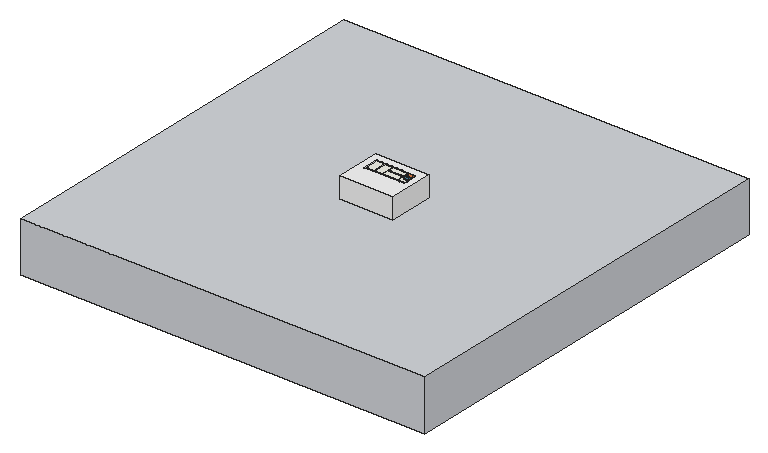
Revit family "Panel de control de extinción_Aguilera Electronica", category Equipos eléctricos, Revit 2017
Family settings
  Anfitrión = Cara
  Configuración de panel = Dos columnas, circuitos en horizontal
  Cota de conector redondo = Diámetro de uso
  Tipo de pieza = Cuadro de control
  Número OmniClass = 23.85.30.21.11.14
  Título OmniClass = Alarm Panels
  Corte con vacíos al cargar = No
  Compartido = No
  Punto de cálculo de habitación = No
Parameters (values of type "Panel de control de extinción con tarjeta de integración")
  URL = "http://aguilera.es/?productos=panel-de-control-de-extincion"
  Símbolo texto modelo = yes
  Símbolo = yes
  Potencial eléctrico = 230 V  # constant formula
  Potencia aparente = 460 VA  # constant formula
  Modelo = "AE/SA-PX2"
  Fondo = 125 mm  # constant formula
  Fabricante = "Aguilera Electrónica"  # constant formula
  Elevación por defecto = 1200 mm
  Diámetro tubo = 20 mm
  Descripción = "Desarrollado y fabricado por Aguilera Electrónica según Norma UNE EN12094-1\r\nCaracterísticas:\r\n• 2 zonas de detección supervisadas.\r\n• Modo de funcionamiento programable como:\r\n• Doble detección: Dos alarmas en una zona.\r\n• Detección cruzada: Una alarma en cada zona.\r\n• Mixta: Dos alarmas en el panel.\r\n• Zona de detección supervisada para pulsador de disparo de extinción.\r\n• Entrada supervisada para pulsador de paro de extinción.\r\n• Pulsadores de disparo y paro de extinción incorporados en el panel.\r\n• 2 Entradas vigiladas independientes para supervisión de presostato o control de pesaje y control de flujo.\r\n• Salida vigilada de evacuación y salida para cartel de disparo.\r\n• Llave de selección de modo: automático, manual o desarmado.\r\n• Display con indicación del tiempo restante para la descarga.\r\n• Tiempo de salida antes de la extinción programable entre 0 y 60 segundos.\r\n• Integrable en el sistema algorítmico.\r\n• Relés opcionales para repetir los estados de la central.\r\n• Dimensiones: 320 x 272 x 125 mm.\r\n• Puede alojar 2 baterías de 12V/7Ah.\r\n• Equipa una tarjeta microprocesada que mantiene informada a la central algorítmica de su estado\r\npermanentemente."  # constant formula
  Comentarios de tipo = "Con tarjeta de integración"
  Ancho = 320 mm  # constant formula
  Alto = 272 mm  # constant formula
Types (3, lengths in mm): name | Modelo | Comentarios de tipo
  (no name) | "AE/SA-PX2" | "Con tarjeta de integración"
  Panel de control de extinción con tarjeta de integración | "AE/SA-PX2" | "Con tarjeta de integración"
  Panel de control de extinción para detectores C5, con tarjeta de integración | "AE/SA-PX2C5" | "Para detectores C5, con tarjeta de integración"
Reference planes
  plane 1 "Centro (Frontal/Posterior)": y = 0
  plane 2: z = 0
  plane 3 "Centro (Izquierda/Derecha)": x = 0
  plane 4: y = 136
  plane 5: y = -136
  plane 6: x = -160
  plane 7: x = 160
  plane 8: z = 125
  plane 9: z = 122
  plane 10: x = -121
  plane 11: x = 121
  plane 12: z = 119
Forms (mm)
  Extrusion 1, solid
    sketch origin (0, 0, 0) x (1, 0, 0) y (0, 1, 0)
      loop
        line (-1219.2, 1219.2) -> (-1219.2, -1219.2) -> (1219.2, -1219.2) -> (1219.2, 1219.2) -> (-1219.2, 1219.2)
    from 0 to -304.8
  Extrusion 2, solid, material "ABS Blanco"
    sketch origin (0, 0, 0) x (1, 0, 0) y (0, 1, 0)
      loop
        line (-160, -136) -> (160, -136) -> (160, 136) -> (-160, 136) -> (-160, -136)
      loop
        line (121, 96) -> (-121, 96) -> (-121, 0) -> (121, 0) -> (121, 96)
    from 0 to 125
  Extrusion 3, solid, material "ABS Blanco"
    sketch origin (0, 0, 0) x (1, 0, 0) y (0, 1, 0)
      loop
        line (-121, 96) -> (-121, 0) -> (121, 0) -> (121, 96) -> (-121, 96)
    from 0 to 119
  Extrusion 4, solid, material "Azul", detail levels fine
    sketch origin (0, 0, 119) x (1, 0, 0) y (0, 1, 0)
      loop
        line (-121, 0) -> (121, 0) -> (121, 96) -> (-121, 96) -> (-121, 0)
    from 0 to 1
  Extrusion 5, solid, material "Blanco", detail levels fine
    sketch origin (0, 0, 120) x (1, 0, 0) y (0, 1, 0)
      loop
        line (-116.085, 90.886) -> (-116.085, 10.886) -> (-71.085, 10.886) -> (-71.085, 90.886) -> (-116.085, 90.886)
      loop
        line (-66.17, 90.886) -> (-66.17, 10.886) -> (-21.17, 10.886) -> (-21.17, 90.886) -> (-66.17, 90.886)
      loop
        line (-17.57, 90.886) -> (-17.57, 55.886) -> (70.098, 55.886) -> (70.098, 90.886) -> (-17.57, 90.886)
      loop
        line (-17.57, 50.707) -> (-17.57, 10.886) -> (70.098, 10.886) -> (70.098, 50.707) -> (-17.57, 50.707)
      loop
        line (73.775, 90.886) -> (73.775, 10.886) -> (116.478, 10.886) -> (116.478, 90.886) -> (73.775, 90.886)
    from 0 to 1
  Extrusion 6, solid, material "Azul", detail levels fine
    sketch origin (0, 0, 121) x (1, 0, 0) y (0, 1, 0)
      loop
        line (109.865, 54.891) -> (87.412, 54.891) -> (87.412, 34.891) -> (109.865, 34.891) -> (109.865, 54.891)
    from 0 to 4
  Extrusion 7, solid, material "Naranja", detail levels fine
    sketch origin (0, 0, 121) x (1, 0, 0) y (0, 1, 0)
      loop
        line (109.865, 84.891) -> (87.412, 84.891) -> (87.412, 64.891) -> (109.865, 64.891) -> (109.865, 84.891)
    from 0 to 4
Cuts and joins
  joined: Extrusion 2, Extrusion 3
Dimensions and locks
  equal spacing: plane 5, plane 1 "Centro (Frontal/Posterior)", plane 4
  "Alto": plane 5 to plane 4
  equal spacing: plane 6, plane 3 "Centro (Izquierda/Derecha)", plane 7
  "Ancho": plane 6 to plane 7
  "Fondo": plane 8 to plane 2
  equal spacing: plane 10, plane 3 "Centro (Izquierda/Derecha)", plane 11, locked at 121 each
  locked: plane 8 to plane 12 at 6
  locked: plane 8 to plane 9 at 3
  aligned and locked: plane 2 to Extrusion 1
  aligned and locked: level to Extrusion 1
  aligned and locked: plane 5 to Extrusion 2 sketch curve
  aligned and locked: Extrusion 2 sketch curve to plane 6
  aligned and locked: plane 4 to Extrusion 2 sketch curve
  aligned and locked: Extrusion 2 sketch curve to plane 7
  aligned and locked: plane 8 to Extrusion 2
  aligned and locked: Extrusion 3 to level
  aligned and locked: plane 12 to Extrusion 3
  aligned and locked: Extrusion 3 to Extrusion 2
  aligned and locked: plane 1 "Centro (Frontal/Posterior)" to Extrusion 3
  aligned and locked: plane 8 to Extrusion 7
  aligned and locked: plane 8 to Extrusion 6
Automatic sketch dimensions
  Extrusion 1 sketch curve to Extrusion 1 sketch curve = 2438.4 mm  (x2)
  plane 1 "Centro (Frontal/Posterior)" to Extrusion 2 sketch curve = 0 mm
  Extrusion 2 sketch curve to plane 10 = 0 mm
  Extrusion 2 sketch curve to plane 11 = 0 mm
  Extrusion 2 sketch curve to plane 4 = 40 mm
  plane 1 "Centro (Frontal/Posterior)" to Extrusion 3 sketch curve = 0 mm
  Extrusion 3 sketch curve to plane 10 = 0 mm
  Extrusion 3 sketch curve to plane 11 = 0 mm
  Extrusion 3 sketch curve to plane 4 = 40 mm
  Extrusion 4 sketch curve to Extrusion 3 = 0 mm  (x3)
  Extrusion 3 to Extrusion 4 sketch curve = 0 mm
  Extrusion 5 sketch curve to Extrusion 4 = 4.915 mm
  Extrusion 5 sketch curve to Extrusion 4 = 10.886 mm  (x3)
  Extrusion 5 sketch curve to Extrusion 5 sketch curve = 45 mm  (x2)
  Extrusion 5 sketch curve to Extrusion 5 sketch curve = 4.915 mm
  Extrusion 5 sketch curve to Extrusion 5 sketch curve = 3.6 mm
  Extrusion 5 sketch curve to Extrusion 5 sketch curve = 0 mm  (x6)
  Extrusion 5 sketch curve to Extrusion 4 = 50.902 mm
  Extrusion 5 sketch curve to Extrusion 5 sketch curve = 3.676 mm
  Extrusion 5 sketch curve to Extrusion 4 = 4.522 mm
  Extrusion 5 sketch curve to Extrusion 5 sketch curve = 39.821 mm
  Extrusion 5 sketch curve to Extrusion 5 sketch curve = 5.179 mm
  Extrusion 5 sketch curve to Extrusion 4 = 5.114 mm
  Extrusion 5 to Extrusion 6 sketch curve = 0.995 mm
  Extrusion 6 sketch curve to Extrusion 5 = 13.637 mm
  Extrusion 6 sketch curve to Extrusion 5 = 6.613 mm
  Extrusion 6 sketch curve to Extrusion 5 = 15.816 mm
  Extrusion 7 sketch curve to Extrusion 5 = 5.995 mm
  Extrusion 7 sketch curve to Extrusion 5 = 13.637 mm
  Extrusion 7 sketch curve to Extrusion 5 = 6.613 mm
  Extrusion 7 sketch curve to Extrusion 5 = 9.005 mm
Nested families
  nested 1: "S_Panel de control de extinción_Aguilera Electronica" at (0, 0, 0), visible <- "Símbolo", type "S_Panel de control de extinción_Aguilera Electronica"
Connectors
  electrical at (0, 0, 0), driven by "Modelo", driven by "Potencial eléctrico", driven by "Potencia aparente"
    settings: on cut or joined group of Extrusion 2, Extrusion 3, index 3, voltage 230 V, apparent load 460 VA, apparent load phase1 0 VA, apparent load phase2 0 VA, apparent load phase3 0 VA, power factor 1, load classification "Potencia", number of poles 1, system type 30, power factor state 1, is connector primary yes, connector utility no, sub classification motor no, connector description "AE/SA-PX2"
  cabletrayconduit at (0, 0, 0), diameter 20, driven by "Diámetro tubo", driven by "Modelo"
    settings: on cut or joined group of Extrusion 2, Extrusion 3, index 4, connector width 300 mm, connector height 300 mm, connector angle 0.00°, system type 32, placement type 0, profile type 0, connector reference index -1, is primary connector yes, connector utility param no, connector description "AE/SA-PX2"
Definition of nested family "S_Panel de control de extinción_Aguilera Electronica"
  Parameters (values of type "S_Panel de control de extinción_Aguilera Electronica")
    Texto símbolo = "Panel control"
    Texto modelo = yes
    Modelo = "Panel control"
  Reference planes
    plane 1: y = 0
    plane 2: x = 0
  Lines and regions (mm)
    detail lines
      curve 1: line (-6.104, -5.498, 0) -> (6.104, -5.498, 0)
      curve 2: line (-6.104, 5.498, 0) -> (-6.104, -5.498, 0)
      curve 3: line (6.104, 5.498, 0) -> (-6.104, 5.498, 0)
      curve 4: line (6.104, -5.498, 0) -> (6.104, 5.498, 0)
  Text (mm)
    label "Texto símbolo" at (-0.164, 2.864, 0), shows "Texto símbolo"
    label "Modelo" at (-0.164, -2.652, 0), shows "Modelo", visible <- "Texto modelo"
